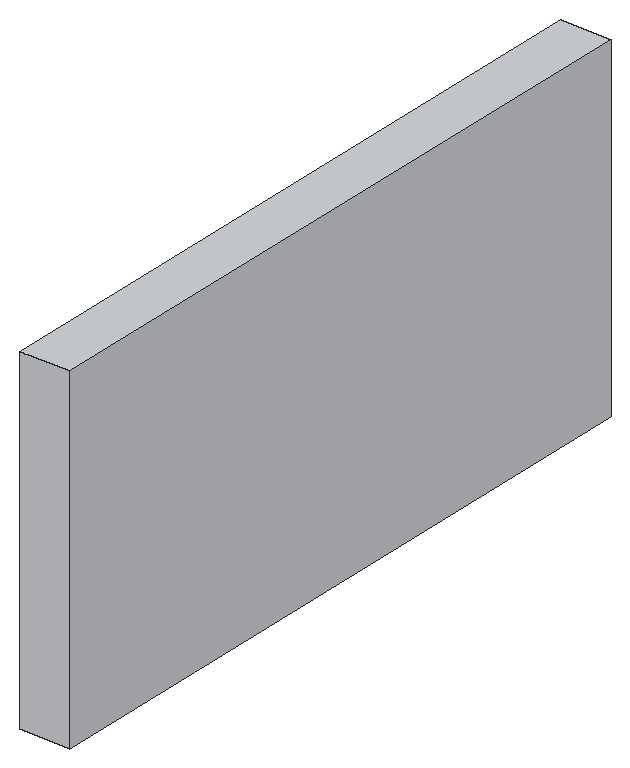
Revit family "R Metal Studs 3.5in", category Generic Models, Revit 2016
Family settings
  Part Type = Normal
  Can host rebar = No
  Round Connector Dimension = Use Diameter
  Work Plane-Based = No
  Always vertical = Yes
  Cut with Voids When Loaded = No
  Shared = No
  Room Calculation Point = No
Parameters
  Width = 0' - 3 1/2"
  Height [instance] = 2' - 0"
  5/8" Gyp = none
  4' Width = 4' - 0"
Reference planes (in)
  plane 1 "Center (Front/Back)": y = 0
  plane 2: z = 0
  plane 3 "Center (Left/Right)": x = 0
Forms (in)
  Sweep 1, solid, material <- "5/8" Gyp"
    path origin (0, 0, 0) x (1, 0, 0) y (0, 1, 0)
      loop
        line (0, -24) -> (0, 24)
    profile origin (0, 0, 0) x (-1, 0, 0) y (0, 0, 1)
      loop
        line (0, 0) -> (3.5, 0) -> (3.5, 24) -> (0, 24) -> (0, 0)
Dimensions and locks (in)
  "4' Width": Sweep 1 sketch curve to Sweep 1 sketch curve
  "Width": Sweep 1 sketch curve to Sweep 1 sketch curve
  "Height": Sweep 1 sketch curve to Sweep 1 sketch curve
  aligned and locked: plane 2 to level
Automatic sketch dimensions
  Sweep 1 sketch curve to plane 3 "Center (Left/Right)" = 0' - 0"
  plane 1 "Center (Front/Back)" to Sweep 1 sketch curve = 2' - 0"
  Sweep 1 sketch curve to profile plane = 0' - 0"
  Sweep 1 sketch curve to level = 0' - 0"
